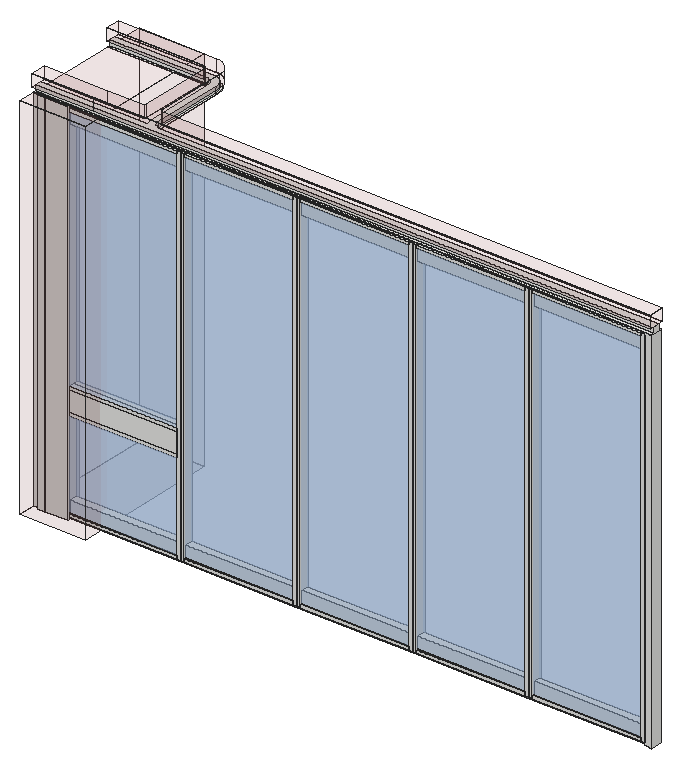
Revit family "Operable-Walls_Modernfold_Acousti-Clear_Automatic_Single-Panels_Expandable-Panel-Side-Stack", category Specialty Equipment, Revit 2026
Family settings
  Round Connector Dimension = Use Diameter
  Part Type = Normal
  Classification Number = 23.25.40.17.14
  Work Plane-Based = No
  Enable Cutting in Views = No
  Always vertical = Yes
  Cut with Voids When Loaded = No
  Maintain Annotation Orientation = No
  Shared = No
  Room Calculation Point = No
Parameters (values of type "No Pocket Door")
  zWallJambVis = 1 = 1  # yes
  zTypIVB = not(zNoPckt)  # no
  zPDPL [instance] = (Clearance Width - Clearance Lead - 0' 9")  # 3' - 4"
  zNoPckt = yes
  zHghtLmt [instance] = if(Ceiling Height > Ceiling Height Max, Ceiling Height Max, if(Ceiling Height < Ceiling Height Min, Ceiling Height Min, Ceiling Height))  # 12' - 0"
  zFirstPanelWidth [instance] = Panel Width - 0' 0 93/256"  # 3' - 8.71172"
  zEvenNumber [instance] = if(roundup(Number of Panels / 2) = Number of Panels / 2, 1 = 1, 1 = 0)  # no
  URL = "https://www.modernfold.com/en-US"
  Trim Material = Wall finish - Modernfold - Anodized aluminium
  Transfer Track [instance] = (rounddown((Panel Width - 0' 2 7/8") / 0' 1")) * 0' 1"  # 3' - 6"
  Track Trim Width [instance] = 0' - 4 1/4"  # constant formula
  Track Trim = 0' - 0 1/8"  # constant formula
  Track Material = Track Color - Modernfold - White
  Track Height [instance] = 0' - 2"  # constant formula
  Track Clearance Vis [instance] = yes
  Track Clearance Height [instance] = 0' - 4 7/8"  # constant formula
  StacksWPanel [instance] = 1 = 0  # no
  Stack Depth [instance] = (0' 4 1/2" * Number of Panels) + 0' 3"  # 2' - 1 1/2"
  Stack Clearance Vis [instance] = yes
  Stack [instance] = no
  Seal material = Seal Finish - Modernfold - Black
  Pocket Door Secondary Leaf Min [instance] = 1' - 6"  # constant formula
  Pocket Door Secondary Leaf Max [instance] = 4' - 0"  # constant formula
  Pocket Door Secondary Leaf [instance] = Pocket Door Primary Leaf  # 0' - 0"
  Pocket Door Primary Leaf [instance] = if(zNoPckt, 0' 0", (Clearance Width - Clearance Lead - 0' 9"))  # 0' - 0"
  Pocket Door Clearance Vis [instance] = yes
  Plan View Warning [instance] = if(zNoPckt, or(Panel Width > Panel Width Max, Panel Width < Panel Width Min, Installation Width > Installation Width Max, Ceiling Height > Ceiling Height Max, Ceiling Height < Ceiling Height Min, Number of Panels > 7), or(Panel Width > Panel Width Max, Panel Width < Panel Width Min, Installation Width > Installation Width Max, Ceiling Height > Ceiling Height Max, Ceiling Height < Ceiling Height Min, Pocket Door Secondary Leaf > Pocket Door Secondary Leaf Max, Pocket Door Secondary Leaf < Pocket Door Secondary Leaf Min, Number of Panels > 7))  # no
  Panel Width [instance] = (Installation Width - Lead Condition Width - 0' 1 3/4" - 0' 9 7/8") / (Number of Panels)  # 3' - 9.075"
  Panel Thickness = 0' - 4"  # constant formula
  Panel Material = Wall finish - Modernfold - Anodized aluminium
  Glass Material [instance] = Glass Type - Modernfold - Clear Tempered
  Clearance Trail = if(zNoPckt, 1' 1", 1' 4")  # 1' - 1"
  Clearance Lead [instance] = if(zNoPckt, (roundup((Carrier Backset Lead + 0' 5") / 0' 1")) * 0' 1", (roundup((Carrier Backset Lead + 0' 8") / 0' 1")) * 0' 1")  # 0' - 9"
  Carrier Backset Trail = 0' - 5 3/4"  # constant formula
  Carrier Backset Lead [instance] = Panel Width - Carrier Centers - Carrier Backset Trail  # 0' - 3.325"
  Additional Panels [instance] = 0
  Number of Panels [instance] = if(Additional Panels = 0, Min Panel Count Allowed, if((Min Panel Count Allowed + Additional Panels) > Max Panel Count Allowed, Min Panel Count Allowed, Min Panel Count Allowed + Additional Panels))  # 5
  NotStack [instance] = not(Stack)  # yes
  Model = "Acousti-Seal® Legacy® & Premier®"  # constant formula
  Min Panel Count Allowed [instance] = roundup((Installation Width - Lead Condition Width - 0' 1 3/4" - 0' 9 7/8") / (Panel Width Max))  # 5
  Max Panel Count Allowed [instance] = rounddown((Installation Width - Lead Condition Width - 0' 1 3/4" - 0' 9 7/8") / (Panel Width Min))  # 8
  Manufacturer = "Modernfold"  # constant formula
  Lead Condition Width [instance] = 0' - 3"  # constant formula
  Installation Width [instance] = 20' - 0"
  Panel Width Min [instance] = 2' - 4"  # constant formula
  Panel Width Max [instance] = 4' - 0"  # constant formula
  Description = "Acousti-Clear - Expandable Panel - Single Panel - Side Stack - No Pocket Door"
  **Panel Count Available** [instance] = if((Min Panel Count Allowed + Additional Panels) > Max Panel Count Allowed, "Number of Panels does NOT fall within constraints listed. Panel count will default to minimum count allowed.", "Panel Count Available.")  # "Panel Count Available."
  Seal Width = 0' - 2 11/16"  # constant formula
  Panel Array Count [instance] = if(Stack, Number of Panels, Number of Panels - 1)  # 4
  Hinge Location [instance] = Panel Width + 0' 1 3/4" + 0' 9 7/8"  # 4' - 8.7"
  Fabrication Height [instance] = zHghtLmt - Track Trim  # 11' - 11 7/8"
  Clearance Width [instance] = Carrier Centers + Clearance Lead + Clearance Trail  # 4' - 10"
  Clearance Depth [instance] = if(zNoPckt, Stack Depth, Stack Depth + 0' 6")  # 2' - 1 1/2"
  ClearWidthInt [instance] = roundup((Panel Width + 1' 0") / 0' 1")  # 58
  Ceiling Height [instance] = 12' - 0"
  Carrier Centers [instance] = if((CSpacingInt * 0' 1") > Carrier Spacing Max, Carrier Spacing Max, (CSpacingInt * 0' 1"))  # 3' - 0"
  CSpacingInt [instance] = rounddown((Panel Width - 0' 8 1/2") / 0' 1")  # 36
  Carrier Spacing Max [instance] = 3' - 1"  # constant formula
  Installation Width Max [instance] = 29' - 2"  # constant formula
  Does not Stack with Panels [instance] = 1 = 1  # yes
  Default Elevation = 0' - 0"
  Ceiling Height Min [instance] = 6' - 7"  # constant formula
  Ceiling Height Max [instance] = 12' - 0"  # constant formula
  Start Panel Width [instance] = Panel Width  # 3' - 9.075"
  Bottom Seal Height = 0' - 0 7/8"  # constant formula
Reference planes (in)
  plane 1 "Center (Front/Back)": y = 0
  plane 2: z = 0
  plane 3 "Left": x = -57.06482
  plane 4 "F": y = -9
  plane 5 "G": y = 49
  plane 6: x = -51.56482
  plane 7 "J&K": x = -31.56482
  plane 8: x = -0.36482
  plane 9: x = 44.71018
  plane 10: x = 182.93518
  plane 11: x = 179.93518
  plane 12: x = 44.71018
  plane 13: z = 144
  plane 14: z = 143.875
  plane 15: y = 1.34375
  plane 16: y = -1.34375
  plane 17: z = 0.875
  plane 18: z = 1.5
  plane 19: y = 2
  plane 20: y = -2
  plane 21: y = 2.125
  plane 22: y = -2.125
  plane 23: y = 1.25
  plane 24: y = -1.25
  plane 25: z = 146
  plane 26: z = 150.875
  plane 27: z = 142.625
  plane 28: z = 142.125
  plane 29: y = 3
  plane 30: y = -3
  plane 31: y = 1.80291
  plane 32: x = -55.31482
  plane 33: x = -31.56482
  plane 34: y = 36
  plane 35: x = -15.06482
Forms (in)
  Sweep 1, solid, material "Track Color - Modernfold - White" <- "Track Material"
    path origin (0, 0, 0) x (1, 0, 0) y (0, 1, 0)
      loop
        line (182.93518, 0) -> (-11.06482, 0)
        arc (-11.06482, 0) -> (-13.89325, 1.17157) -> (-15.06482, 4) r 4
        line (-15.06482, 4) -> (-15.06482, 32)
        arc (-15.06482, 32) -> (-16.23639, 34.82843) -> (-19.06482, 36) r 4
        line (-19.06482, 36) -> (-57.06482, 36)
    profile origin (85.93518, 0, 0) x (0, -1, 0) y (0, 0, 1)
      loop
        line (-1.25, 144) -> (-2.125, 144) -> (-2.125, 143.875) -> (2.125, 143.875) -> (2.125, 144) -> (1.25, 144) -> (1.25, 146) -> (-1.25, 146) -> (-1.25, 144)
  Extrusion 2, solid, material "Clearance", visible <- "Stack Clearance Vis"
    sketch origin (0, 0, 0) x (1, 0, 0) y (0, 1, 0)
      loop
        line (-31.56482, 49) -> (-57.06482, 49) -> (-57.06482, -9) -> (-31.56482, -9) -> (-31.56482, 49)
    from 0 to 143.875
  Extrusion 3, solid, material "Clearance", visible <- "Track Clearance Vis"
    sketch origin (0, 0, 0) x (1, 0, 0) y (0, 1, 0)
      loop
        line (-32.52945, 3) -> (-57.06482, 3) -> (-57.06482, -3) -> (-32.99964, -3) -> (182.93518, -3) -> (182.93518, 3) -> (-32.52945, 3)
    from 146 to 150.875
  Sweep 4, solid, material "Track Color - Modernfold - White" <- "Track Material"
    path origin (0, 0, 0) x (1, 0, 0) y (0, 1, 0)
      loop
        line (-0.36482, 0) -> (-57.06482, 0)
    profile origin (-28.71482, 0, 0) x (0, -1, 0) y (0, 0, 1)
      loop
        line (-1.25, 144) -> (-2.125, 144) -> (-2.125, 143.875) -> (2.125, 143.875) -> (2.125, 144) -> (1.25, 144) -> (1.25, 146) -> (-1.25, 146) -> (-1.25, 144)
  Sweep 5, solid, material "Clearance", visible <- "Track Clearance Vis"
    path origin (0, 0, 0) x (1, 0, 0) y (0, 1, 0)
      loop
        line (-57.06482, 36) -> (-19.06482, 36)
        arc (-19.06482, 36) -> (-16.23639, 34.82843) -> (-15.06482, 32) r 4
        line (-15.06482, 32) -> (-15.06482, 4)
        arc (-15.06482, 4) -> (-13.89325, 1.17157) -> (-11.06482, 0) r 4
        line (-11.06482, 0) -> (-0.36482, 0)
    profile origin (-5.71482, 0, 0) x (0, -1, 0) y (0, 0, 1)
      loop
        line (-3, 150.875) -> (-3, 146) -> (3, 146) -> (3, 150.875) -> (-3, 150.875)
Cuts and joins
  joined: Sweep 1, Sweep 4
  joined: Extrusion 3, Sweep 5
Lines and regions (in)
  symbolic lines, style "Clearance", visible <- "Stack Clearance Vis"
    curve 1: line (-57.06482, -9, 0) -> (-31.56482, -9, 0)
    curve 2: line (-57.06482, 49, 0) -> (-57.06482, -9, 0)
    curve 3: line (-31.56482, -9, 0) -> (-31.56482, 49, 0)
    curve 4: line (-31.56482, 49, 0) -> (-57.06482, 49, 0)
  symbolic lines, style "Track Centerline"
    curve 5: line (182.93518, 0, 0) -> (-57.06482, 0, 0)
    curve 17: line (-57.06482, 36, 0) -> (-19.06482, 36, 0)
    curve 18: line (-15.06482, 32, 0) -> (-15.06482, 4, 0)
    curve 19: arc (-19.06482, 36, 0) -> (-16.23639, 34.82843, 0) -> (-15.06482, 32, 0) r 4
    curve 20: arc (-11.06482, 0, 0) -> (-13.89325, 1.17157, 0) -> (-15.06482, 4, 0) r 4
  symbolic lines, style "Clearance", visible <- "Track Clearance Vis"
    curve 6: line (-57.06482, -3, 0) -> (182.93518, -3, 0)
    curve 7: line (182.93518, -3, 0) -> (182.93518, 3, 0)
    curve 8: line (182.93518, 3, 0) -> (-11.06482, 3, 0)
    curve 21: line (-17.99302, 3, 0) -> (-57.06482, 3, 0)
    curve 22: line (-18.06482, 32, 0) -> (-18.06482, 4, 0)
    curve 23: arc (-18.06482, 4, 0) -> (-18.04685, 3.49871, 0) -> (-17.99302, 3, 0) r 7
    curve 24: arc (-12.06482, 4, 0) -> (-11.77193, 3.29289, 0) -> (-11.06482, 3, 0) r 1
    curve 25: line (-12.06482, 4, 0) -> (-12.06482, 32, 0)
    curve 26: arc (-19.06482, 39, 0) -> (-14.11507, 36.94975, 0) -> (-12.06482, 32, 0) r 7
    curve 27: arc (-19.06482, 33, 0) -> (-18.35771, 32.70711, 0) -> (-18.06482, 32, 0) r 1
    curve 28: line (-57.06482, 33, 0) -> (-19.06482, 33, 0)
    curve 29: line (-19.06482, 39, 0) -> (-57.06482, 39, 0)
    curve 30: line (-57.06482, 33, 0) -> (-57.06482, 39, 0)
    curve 32: line (-57.06482, 3, 0) -> (-57.06482, -3, 0)
  symbolic lines, style "Track outline"
    curve 9: line (-57.06482, 0, 146) -> (182.93518, 0, 146)
    curve 10: line (-57.06482, 0, 146) -> (-57.06482, 0, 143.875)
    curve 11: line (182.93518, 0, 143.875) -> (-57.06482, 0, 143.875)
    curve 12: line (182.93518, 0, 146) -> (182.93518, 0, 143.875)
    curve 31: line (-57.06482, 0, 144) -> (182.93518, 0, 144)
  symbolic lines, style "Clearance"
    curve 13: line (-57.06482, 40.25, 144) -> (-57.06482, 40.25, 146)
    curve 14: line (-57.06482, -1.25, 146) -> (-57.06482, -1.25, 144)
    curve 15: line (-57.06482, -2.125, 143.875) -> (-57.06482, 41.125, 143.875)
    curve 16: line (-57.06482, 40.25, 146) -> (-57.06482, -1.25, 146)
Dimensions and locks (in)
  locked: plane 3 "Left" to plane 6 at 5.5
  "Clearance Depth": plane 3 "Left" to plane 7 "J&K"
  "Installation Width": plane 3 "Left" to plane 10
  "Hinge Location": plane 3 "Left" to plane 8
  "Panel Width": plane 8 to plane 9
  "Lead Condition Width": plane 11 to plane 10
  "zHghtLmt": plane 13 to level
  "Track Trim": plane 13 to plane 14
  plane 14 to level = 11' - 11 7/8"
  "Bottom Seal Height": plane 17 to level
  equal spacing: plane 15, plane 1 "Center (Front/Back)", plane 16
  "Seal Width": plane 15 to plane 16
  locked: plane 18 to plane 17 at 0.625
  equal spacing: plane 19, plane 1 "Center (Front/Back)", plane 20
  "Panel Thickness": plane 19 to plane 20
  equal spacing: plane 21, plane 1 "Center (Front/Back)", plane 22
  "Track Trim Width": plane 21 to plane 22
  equal spacing: plane 23, plane 1 "Center (Front/Back)", plane 24
  locked: plane 23 to plane 24 at 2.5
  plane 14 to plane 27 to plane 28 = 0' - 1 1/4" locked, 0' - 0 1/2" locked
  equal spacing: plane 29, plane 1 "Center (Front/Back)", plane 30
  locked: plane 29 to plane 30 at 6
  equal spacing: group 1, group 3, group 7, group 2  (x3)
  locked: plane 1 "Center (Front/Back)" to plane 31 at 1.80291
  locked: plane 3 "Left" to plane 32 at 1.75
  "Stack Depth": plane 3 "Left" to plane 33
  nested 5 to plane 33 = 0' - 1 7/8"
  Extrusion 3 sketch curve to Extrusion 3 sketch curve = 0' - 6"
  Extrusion 3 sketch curve to plane 1 "Center (Front/Back)" to Extrusion 3 sketch curve = 0' - 3", 0' - 3"
  "Clearance Width": plane 5 "G" to plane 4 "F"
  "Track Clearance Height": plane 26 to plane 25
  "Track Height": plane 25 to plane 13
  nested 7 to nested 7 = 0' - 5 3/8"
  "Clearance Lead": plane 4 "F" to plane 1 "Center (Front/Back)"
  "Clearance Trail": plane 5 "G" to plane 34
  "Transfer Track": plane 3 "Left" to plane 35
  equal spacing: group 4, group 6, group 8, group 5  (x3)
  radius of curve 19 = 0' - 4"
  radius of curve 20 = 0' - 4"
  aligned and locked: plane 2 to level
  aligned and locked: Sweep 1 sketch curve to plane 1 "Center (Front/Back)"
  aligned and locked: Sweep 1 sketch curve to plane 23
  aligned and locked: plane 24 to Sweep 1 sketch curve
  aligned and locked: Sweep 1 sketch curve to plane 25
  aligned and locked: Sweep 1 sketch curve to plane 13  (x2)
  aligned and locked: Sweep 1 sketch curve to plane 14
  aligned and locked: Sweep 1 sketch curve to plane 21
  aligned and locked: Sweep 1 sketch curve to plane 22
  aligned and locked: plane 1 "Center (Front/Back)" to nested 1
  aligned and locked: plane 6 to nested 2
  aligned and locked: plane 1 "Center (Front/Back)" to nested 3
  aligned and locked: plane 11 to nested 3
  aligned and locked: nested 2 to plane 1 "Center (Front/Back)"
  aligned and locked: nested 4 to plane 1 "Center (Front/Back)"
  aligned and locked: Extrusion 2 sketch curve to plane 3 "Left"
  aligned and locked: Extrusion 2 to level
  aligned and locked: plane 14 to Extrusion 2
  aligned and locked: curve 2 to Extrusion 2
  aligned and locked: Extrusion 2 sketch curve to plane 7 "J&K"
  aligned and locked: plane 3 "Left" to curve 5
  aligned and locked: plane 10 to curve 5
  aligned and locked: Extrusion 3 sketch curve to plane 10
  aligned and locked: Extrusion 2 to Extrusion 3 sketch curve
  aligned and locked: nested 4 to nested 5  (x2)
  aligned and locked: curve 11 to Extrusion 2
  aligned and locked: plane 12 to plane 9
  aligned and locked: plane 1 "Center (Front/Back)" to nested 7
  aligned and locked: plane 32 to nested 7
  aligned and locked: Extrusion 2 to plane 5 "G"
  aligned and locked: Extrusion 2 to plane 4 "F"
  aligned and locked: Extrusion 3 to plane 29
  aligned and locked: Extrusion 3 to plane 30
  aligned and locked: curve 6 to Extrusion 3
  aligned and locked: curve 8 to Extrusion 3
  aligned and locked: plane 26 to Extrusion 3
  aligned and locked: Extrusion 3 to plane 25
  aligned and locked: nested 4 to plane 33
  aligned and locked: plane 10 to Sweep 1 sketch curve
  aligned and locked: plane 3 "Left" to nested 9
  aligned and locked: plane 1 "Center (Front/Back)" to nested 9
  aligned and locked: curve 17 to plane 34
  aligned and locked: curve 18 to plane 35
  aligned and locked: plane 3 "Left" to curve 17
  aligned and locked: curve 5 to curve 20
  aligned and locked: Sweep 1 sketch curve to curve 17
  aligned and locked: Sweep 1 sketch curve to curve 19
  aligned and locked: Sweep 1 sketch curve to curve 20
  aligned and locked: plane 3 "Left" to Sweep 1 sketch curve
  aligned and locked: plane 3 "Left" to Sweep 4 sketch curve
  aligned and locked: plane 8 to Sweep 4 sketch curve
  aligned and locked: Sweep 4 sketch curve to plane 1 "Center (Front/Back)"
  aligned and locked: Sweep 4 sketch curve to plane 14
  aligned and locked: Sweep 4 sketch curve to plane 13  (x2)
  aligned and locked: Sweep 4 sketch curve to plane 25
  aligned and locked: plane 24 to Sweep 4 sketch curve
  aligned and locked: Sweep 4 sketch curve to plane 23
  aligned and locked: Sweep 4 sketch curve to plane 22
  aligned and locked: Sweep 4 sketch curve to plane 21
  aligned and locked: Sweep 5 sketch curve to curve 17
  aligned and locked: Sweep 5 sketch curve to curve 19
  aligned and locked: Sweep 5 sketch curve to curve 20
  aligned and locked: Sweep 5 sketch curve to plane 1 "Center (Front/Back)"
  aligned and locked: plane 8 to Sweep 5 sketch curve
  aligned and locked: plane 3 "Left" to Sweep 5 sketch curve
  aligned and locked: plane 30 to Sweep 5 sketch curve
  aligned and locked: plane 29 to Sweep 5 sketch curve
  aligned and locked: Sweep 5 sketch curve to plane 26
  aligned and locked: plane 25 to Sweep 5 sketch curve
  aligned and locked: curve 22 to cut or joined group of Extrusion 3, Sweep 5
  aligned and locked: curve 23 to cut or joined group of Extrusion 3, Sweep 5
  aligned and locked: curve 24 to cut or joined group of Extrusion 3, Sweep 5
  aligned and locked: curve 25 to cut or joined group of Extrusion 3, Sweep 5
  aligned and locked: curve 26 to cut or joined group of Extrusion 3, Sweep 5
  aligned and locked: curve 27 to cut or joined group of Extrusion 3, Sweep 5
  aligned and locked: curve 28 to cut or joined group of Extrusion 3, Sweep 5
  aligned and locked: curve 29 to cut or joined group of Extrusion 3, Sweep 5
  aligned and locked: curve 30 to cut or joined group of Extrusion 3, Sweep 5
  aligned and locked: nested 11 to plane 7 "J&K"
  aligned and locked: nested 11 to plane 5 "G"
  aligned and locked: nested 10 to plane 8
  aligned and locked: nested 10 to plane 1 "Center (Front/Back)"
  aligned and locked: plane 12 to nested 1
  aligned and locked: curve 31 to cut or joined group of Sweep 1, Sweep 4
  aligned and locked: curve 11 to cut or joined group of Sweep 1, Sweep 4
  aligned and locked: plane 11 to nested 12
Automatic sketch dimensions
  curve 15 to plane 14 = 0' - 0"
  curve 15 to plane 22 = 0' - 0"
  curve 14 to plane 24 = 0' - 0"
  plane 25 to curve 13 = 0' - 0"
  curve 13 to plane 13 = 0' - 0"
  curve 14 to plane 13 = 0' - 0"
  plane 34 to curve 13 = 0' - 4 1/4"
  curve 13 to curve 15 = 0' - 0 7/8"
  plane 4 "F" to Extrusion 2 sketch curve = 0' - 0"
  Extrusion 2 sketch curve to plane 5 "G" = 0' - 0"
  Extrusion 3 sketch curve to plane 7 "J&K" = 0' - 1.43482"
  Extrusion 3 sketch curve to plane 7 "J&K" = 0' - 0.96463"
  curve 9 to plane 3 "Left" = 0' - 0"
  curve 11 to plane 10 = 0' - 0"
  curve 10 to plane 25 = 0' - 0"
  curve 19 to curve 26 = 0' - 0"  (x2)
  curve 19 to curve 27 = 0' - 0"  (x2)
  curve 20 to curve 23 = 0' - 0"
  curve 20 to curve 24 = 0' - 0"  (x2)
  curve 23 to curve 24 = 0' - 0"
  curve 32 to plane 3 "Left" = 0' - 0"
  curve 30 to plane 3 "Left" = 0' - 0"
  plane 5 "G" to curve 3 = 0' - 0"
  curve 3 to plane 7 "J&K" = 0' - 0"
  plane 4 "F" to curve 1 = 0' - 0"
  curve 32 to plane 30 = 0' - 0"
  plane 1 "Center (Front/Back)" to curve 5 = 0' - 0"
  plane 29 to curve 32 = 0' - 0"
  plane 29 to curve 8 = 0' - 0"
  curve 19 to curve 22 = 0' - 1"
Nested families (in)
  nested 1: "Panel" at (22.17268, 0, 0), visible <- "NotStack", Width <- "Panel Width", type "Extended"
    with Width 3' - 9.075", Mullion no, LEAD yes, Dash Width 0' - 7.1375", CarrierVis yes
  nested 2: "Panel" at (-51.56482, 18, 0) x (0, -1, 0) z (0, 0, 1), visible <- "Stack", type "Stack"
    with Width 3' - 7 3/4", Mullion no, LEAD yes, Dash Width 0' - 6.91667", CarrierVis no
  nested 3: "Jamb" at (179.93518, 0, 0), visible <- "zWallJambVis", Width <- "Lead Condition Width", type "Jamb"
    with Width 0' - 3", Jamb yes, BulbStack no, Bulb Seal no, Fabrication Height 11' - 11 7/8"
  nested 4: "Panel" at (-33.56482, 18, 0) x (0, -1, 0) z (0, 0, 1), visible <- "Stack", type "Stack"
    with Width 3' - 7 3/4", Mullion no, LEAD yes, Dash Width 0' - 6.91667", CarrierVis no
  nested 5: "Jamb" at (-33.43982, -3.875, 0) x (0, -1, 0) z (0, 0, 1), visible <- "StacksWPanel", type "Jamb"
    with Jamb no, BulbStack yes, Bulb Seal no, Fabrication Height 11' - 11 7/8"
  nested 6: "Modernfold Warning" at (12.01728, -5.976, 0), visible <- "Plan View Warning", type "Modernfold Warning"
  nested 7: "Panel nose" at (-55.31482, 0, 0), visible <- "NotStack", Panel Thickness <- "Panel Thickness", type "Panel nose"
    with Panel Thickness 0' - 4", Jamb yes, BulbStack yes, Bulb Seal no, Fabrication Height 11' - 11 7/8"
  nested 8: "Panel" at (-45.56482, 18, 0) x (0, -1, 0) z (0, 0, 1), visible <- "Stack", type "Stack"
    with Width 3' - 7 3/4", Mullion no, LEAD yes, Dash Width 0' - 6.91667", CarrierVis no
  nested 9: "Jamb" at (-57.06482, 0, 0), visible <- "zWallJambVis", type "Jamb"
    with Width 0' - 1 3/4", Jamb yes, BulbStack no, Bulb Seal no, Fabrication Height 11' - 11 7/8"
  nested 10: "Panel" at (-22.72068, 0, 0) x (-1, 0, 0) z (0, 0, 1), visible <- "NotStack", Width <- "zFirstPanelWidth", type "Extended"
    with Width 3' - 8.71172", Mullion yes, LEAD yes, Dash Width 0' - 7.07695", CarrierVis yes
  nested 11: "Type-IV-B" at (-33.06482, 49, 0) x (0, -1, 0) z (0, 0, 1), Pocket Door Clearance <- "Pocket Door Clearance Vis", Stack <- "Stack", visible <- "zTypIVB", type "Type IV B"
    with Stack no, Right Leaf 0' - 11", Pocket Door Clearance yes, Meeting Jamb 0' - 3", I_PD Leaf B 0' - 11", I_PD Leaf A 3' - 4", Hinged Jamb 0' - 3", Gap 0' - 1", Close yes, C.L. of Track 0' - 4 1/2", Ref G 0' - 10 1/2", Pocket Width 4' - 10", Left Leaf 3' - 4"
  nested 12: "Panel" at (157.39768, 0, 0), visible <- "NotStack", Width <- "Panel Width", type "Extended"
    with Width 3' - 9.075", Mullion no, LEAD yes, Dash Width 0' - 7.1375", CarrierVis yes
  nested 13: "Panel" at (67.24768, 0, 0), visible <- "NotStack", Width <- "Panel Width", type "Extended"
    with Width 3' - 9.075", Mullion no, LEAD yes, Dash Width 0' - 7.1375", CarrierVis yes
  nested 14: "Panel" at (-39.56482, 18, 0) x (0, -1, 0) z (0, 0, 1), visible <- "Stack", type "Stack"
    with Width 3' - 7 3/4", Mullion no, LEAD yes, Dash Width 0' - 6.91667", CarrierVis no
  nested 15: "Panel" at (112.32268, 0, 0), visible <- "NotStack", Width <- "Panel Width", type "Extended"
    with Width 3' - 9.075", Mullion no, LEAD yes, Dash Width 0' - 7.1375", CarrierVis yes
Definition of nested family "Panel"
  Parameters (values of type "Stack")
    Width [instance] = 3' - 7 3/4"
    Vertical Trim Control = and(Show Panel, Vertical Trim)  # no
    Vertical Trim = no
    URL = ""
    Trim Thickness = 0' 4 5/8" + 0' 1.188" + 0' 0 7/8"  # 0' - 6.688"
    Top Sweep = 0' - 1 1/4"  # constant formula
    Stack Line = yes
    Show Panel Dash = not(Show Panel)  # yes
    Show Panel = no
    Seal Width = 0' - 2 11/16"
    Panel Width Control = if(Vertical Trim, 0' 0 3/4", 0' 0")  # 0' - 0"
    Panel Thickness = 0' - 4"
    Mullion [instance] = yes
    Manufacturer = ""
    Leaf = no
    LEAD [instance] = yes
    Keynote = ""
    Height = 11' - 11 7/8"
    Finished Floor Thickness = 0' - 0"
    Finish Material Seal = none
    Finish Material Metal = none
    Finish Material Panel = none
    Default Elevation = 0' - 0"
    Dash Width [instance] = (Width - 0' 2 1/4") / 6  # 0' - 6.91667"
    CarrierVis [instance] = no
    Carrier Spacing = 3' - 0"
    Bottom Seal Height = 0' - 0 7/8"
  Types (2): name | Show Panel Dash | Show Panel
    Extended | no | yes
    Stack | yes | no
  Reference planes (in)
    plane 1 "Center (Front/Back)": y = 0
    plane 2: z = 0
    plane 3 "Bottom Panel": z = 0
    plane 4 "Top": z = 143.875
    plane 5 "Bottom Seal": z = 0.875
    plane 6 "Top Trim": z = 143.875
    plane 7 "Center (Left/Right)": x = 0
    plane 8 "Back": y = 2
    plane 9 "Front": y = -2
    plane 10 "Back Seal": y = 1.34375
    plane 11 "Front Seal": y = -1.34375
    plane 12: z = 137.187
    plane 13: x = -21.875
    plane 14: x = 21.875
    plane 15: x = -21.375
    plane 16: x = 21.375
    plane 17: x = -18
    plane 18: x = 18
    plane 19: x = -21.865
    plane 20: x = 21.865
    plane 21: z = 143
    plane 22: z = 46.5
    plane 23: z = 36
    plane 24: x = -20.49
    plane 25: x = 20.49
  Forms (in)
    Extrusion 1, solid, material <- "Finish Material Metal", visible <- "Show Panel"
      sketch origin (-23.61111, 0, 0) x (0, 1, 0) y (0, 0, 1)
        loop
          line (2, 0.875) -> (2, 2.0625) -> (1.4375, 2.0625) -> (1.4375, 6.6875) -> (-1.4375, 6.6875) -> (-1.4375, 2.0625) -> (-2, 2.0625) -> (-2, 0.875) -> (2, 0.875)
      from 3.12111 to 44.10111
    Extrusion 2, solid, material <- "Finish Material Metal", visible <- "Show Panel"
      sketch origin (0, 0, 0) x (0, 1, 0) y (0, 0, 1)
        loop
          line (1.4375, 137.187) -> (1.4375, 141.8125) -> (2, 141.8125) -> (2, 143) -> (-2, 143) -> (-2, 141.8125) -> (-1.4375, 141.8125) -> (-1.4375, 137.187) -> (1.4375, 137.187)
      from -20.49 to 20.49
    Extrusion 3, solid, visible <- "Show Panel Dash"
      sketch origin (12, 7.7711, 0) x (1, 0, 0) y (0, 1, 0)
        loop
          line (9.875, -5.7711) -> (-33.875, -5.7711) -> (-33.875, -9.7711) -> (9.875, -9.7711) -> (9.875, -5.7711)
      from 0 to 143.875
    Extrusion 4, solid, visible <- "Leaf"
      sketch origin (0, 0, 0) x (1, 0, 0) y (0, 1, 0)
        loop
          line (-16.375, 2.6875) -> (-28, 2.6875) -> (-28, -2.6875) -> (-16.375, -2.6875) -> (-16.375, -2) -> (-21.875, -2) -> (-21.875, 2) -> (-16.375, 2) -> (-16.375, 2.6875)
      from 0 to 143.875
    Extrusion 5, solid, material <- "Finish Material Panel", visible <- "Show Panel"
      sketch origin (0, 0, 0) x (0, 1, 0) y (0, 0, 1)
        loop
          line (1.8125, 141.8125) -> (1.4375, 141.8125) -> (1.4375, 2.0625) -> (1.8125, 2.0625) -> (1.8125, 141.8125)
        loop
          line (-1.4375, 2.0625) -> (-1.4375, 141.8125) -> (-1.75, 141.8125) -> (-1.75, 2.0625) -> (-1.4375, 2.0625)
      from -20.49 to 20.49
    Extrusion 6, solid, material <- "Finish Material Metal", visible <- "Show Panel"
      sketch origin (0, 0, 0) x (1, 0, 0) y (0, 1, 0)
        loop
          line (-21.865, 2) -> (-21.865, -2) -> (-20.49, -2) -> (-20.49, 2) -> (-21.865, 2)
        loop
          line (21.865, 2) -> (20.49, 2) -> (20.49, -2) -> (21.865, -2) -> (21.865, 2)
      from 0.875 to 143
    Extrusion 7, solid, material <- "Finish Material Seal", visible <- "Show Panel"
      sketch origin (21.865, -180, 143.875) x (0, 0, 1) y (0, 1, 0)
        loop
          line (-143, 178.65625) -> (-143, 181.34375) -> (-143.875, 181.34375) -> (-143.875, 178.65625) -> (-143, 178.65625)
        loop
          line (0, 178.65625) -> (0, 181.34375) -> (-0.875, 181.34375) -> (-0.875, 178.65625) -> (0, 178.65625)
      from -0.01 to 43.74
    Extrusion 8, solid, material <- "Finish Material Metal", visible <- "Mullion"
      sketch origin (21.865, -180, 143.875) x (0, 0, 1) y (0, 1, 0)
        loop
          line (-107.875, 180) -> (-107.875, 178.23437) -> (-106.375, 178.23437) -> (-106.375, 178) -> (-98.875, 178) -> (-98.875, 178.23437) -> (-97.375, 178.23437) -> (-97.375, 180) -> (-97.375, 181.82031) -> (-98.875, 181.82031) -> (-98.875, 182) -> (-106.375, 182) -> (-106.375, 181.82031) -> (-107.875, 181.82031) -> (-107.875, 180)
      from 1.375 to 42.355
  Lines and regions (in)
    Masking region 1, visible <- "Show Panel"
      outline origin (9.51202, -15.08558, 0.875) x (-1, 0, 0) y (0, -1, 0)
        loop
          line (-10.97798, -17.08558) -> (30.00202, -17.08558) -> (30.00202, -13.08558) -> (-10.97798, -13.08558) -> (-10.97798, -17.08558)
    Masking region 2, visible <- "Show Panel"
      outline origin (0, 0, 0) x (1, 0, 0) y (0, 1, 0)
        loop
          line (-20.49, 1.8125) -> (-20.49, 1.4375) -> (20.49, 1.4375) -> (20.49, 1.8125) -> (-20.49, 1.8125)
        loop
          line (-20.49, -1.4375) -> (-20.49, -1.75) -> (20.49, -1.75) -> (20.49, -1.4375) -> (-20.49, -1.4375)
    Masking region 3, visible <- "Show Panel"
      outline origin (0, 0, 0) x (1, 0, 0) y (0, 1, 0)
        loop
          line (-20.49, 1.34375) -> (-20.49, -1.34375) -> (20.49, -1.34375) -> (20.49, 1.34375) -> (-20.49, 1.34375)
    Masking region 4, visible <- "Show Panel"
      outline origin (0, 0, 0) x (1, 0, 0) y (0, 1, 0)
        loop
          line (-21.865, 2) -> (-21.865, -2) -> (-20.49, -2) -> (-20.49, 2) -> (-21.865, 2)
        loop
          line (20.49, 2) -> (20.49, -2) -> (21.865, -2) -> (21.865, 2) -> (20.49, 2)
    symbolic lines, visible <- "CarrierVis", detail levels medium+fine
      curve 1: circle (-18, 0, 0) r 0.6875 normal (0, 0, 1)
      curve 2: circle (-18, 0, 0) r 0.6875 normal (0, 0, 1)
      curve 12: circle (18, 0, 0) r 0.6875 normal (0, 0, -1)
    symbolic lines, visible <- "Show Panel Dash"
      curve 3: line (-21.875, -2, 0) -> (21.875, -2, 0)
      curve 4: line (21.875, -2, 0) -> (21.875, 2, 0)
      curve 5: line (21.875, 2, 0) -> (-21.875, 2, 0)
      curve 6: line (-21.875, 2, 0) -> (-21.875, -2, 0)
    symbolic lines, visible <- "Leaf"
      curve 7: line (-28, 2.6875, 0) -> (-28, -2.6875, 0)
      curve 8: line (-16.375, 2.6875, 0) -> (-28, 2.6875, 0)
      curve 9: line (-16.375, 2, 0) -> (-16.375, 2.6875, 0)
      curve 10: line (-16.375, -2.6875, 0) -> (-16.375, -2, 0)
      curve 11: line (-28, -2.6875, 0) -> (-16.375, -2.6875, 0)
  Dimensions and locks (in)
    "Height": plane 4 "Top" to plane 3 "Bottom Panel"
    "Bottom Seal Height": plane 5 "Bottom Seal" to plane 3 "Bottom Panel"
    "Panel Thickness": plane 9 "Front" to plane 8 "Back"
    "Finished Floor Thickness": plane 3 "Bottom Panel" to plane 2
    equal spacing: plane 9 "Front", plane 1 "Center (Front/Back)", plane 8 "Back"
    equal spacing: plane 14, plane 7 "Center (Left/Right)", plane 13
    "Width": plane 14 to plane 13
    locked: plane 15 to plane 13 at 0.5
    locked: plane 14 to plane 16 at 0.5
    equal spacing: plane 17, plane 7 "Center (Left/Right)", plane 18
    "Carrier Spacing": plane 17 to plane 18
    "Seal Width": plane 10 "Back Seal" to plane 11 "Front Seal"
    equal spacing: plane 10 "Back Seal", plane 1 "Center (Front/Back)", plane 11 "Front Seal"
    locked: plane 19 to plane 13 at 0.01
    locked: plane 20 to plane 14 at 0.01
    "Trim Thickness": plane 6 "Top Trim" to plane 12
    locked: plane 6 "Top Trim" to Extrusion 2 sketch curve at 0.875
    locked: Extrusion 2 sketch curve to Extrusion 2 sketch curve at 1.1875
    locked: Extrusion 2 sketch curve to Extrusion 2 sketch curve at 2.875
    equal spacing: Extrusion 2 sketch curve, plane 1 "Center (Front/Back)", Extrusion 2 sketch curve
    locked: Extrusion 1 sketch curve to Extrusion 1 sketch curve at 2.875
    equal spacing: Extrusion 1 sketch curve, plane 1 "Center (Front/Back)", Extrusion 1 sketch curve
    locked: Extrusion 1 sketch curve to Extrusion 1 sketch curve at 1.1875
    locked: Extrusion 1 sketch curve to Extrusion 1 sketch curve at 4.625
    locked: Extrusion 5 sketch curve to Extrusion 5 sketch curve at 2.875
    equal spacing: Extrusion 5 sketch curve, plane 1 "Center (Front/Back)", Extrusion 5 sketch curve
    Extrusion 5 sketch curve to plane 5 "Bottom Seal" = 0' - 1 3/16"
    locked: plane 5 "Bottom Seal" to Extrusion 5 sketch curve at 1.1875
    locked: Extrusion 5 sketch curve to plane 12 at 4.6255  (x2)
    equal spacing: Extrusion 4 sketch curve, plane 1 "Center (Front/Back)", Extrusion 4 sketch curve
    locked: Extrusion 6 sketch curve to plane 20 at 1.375
    locked: Extrusion 6 sketch curve to Extrusion 6 sketch curve at 1.375
    locked: Extrusion 5 sketch curve to Extrusion 1 at 0.375
    locked: Extrusion 5 sketch curve to Extrusion 5 sketch curve at 0.3125
    Extrusion 4 to Extrusion 4 = 0' - 11 5/8"
    locked: plane 6 "Top Trim" to plane 21 at 0.875
    locked: plane 22 to plane 23 at 10.5
    locked: plane 23 to level at 36
    locked: plane 24 to plane 19 at 1.375
    locked: plane 25 to plane 20 at 1.375
    aligned and locked: plane 2 to level
    aligned and locked: plane 12 to Extrusion 2 sketch curve
    aligned and locked: plane 17 to curve 1
    aligned and locked: plane 1 "Center (Front/Back)" to curve 1
    aligned and locked: plane 1 "Center (Front/Back)" to curve 2
    aligned and locked: plane 4 "Top" to Extrusion 3
    aligned and locked: Extrusion 3 to level
    aligned and locked: plane 4 "Top" to Extrusion 4
    aligned and locked: plane 6 "Top Trim" to plane 4 "Top"
    aligned and locked: Extrusion 2 sketch curve to plane 8 "Back"
    aligned and locked: Extrusion 2 sketch curve to plane 9 "Front"
    aligned and locked: plane 9 "Front" to Extrusion 1 sketch curve
    aligned and locked: Extrusion 1 sketch curve to plane 8 "Back"
    aligned and locked: Extrusion 1 sketch curve to plane 5 "Bottom Seal"
    aligned and locked: curve 8 to Extrusion 4
    aligned and locked: curve 9 to Extrusion 4
    aligned and locked: curve 10 to Extrusion 4
    aligned and locked: curve 11 to Extrusion 4
    aligned and locked: plane 8 "Back" to Extrusion 6 sketch curve
    aligned and locked: plane 19 to Extrusion 6 sketch curve
    aligned and locked: Extrusion 6 sketch curve to plane 8 "Back"
    aligned and locked: Extrusion 6 sketch curve to plane 20
    aligned and locked: plane 9 "Front" to Extrusion 6 sketch curve
    aligned and locked: Extrusion 6 sketch curve to plane 9 "Front"
    aligned and locked: Extrusion 1 to Extrusion 6  (x2)
    aligned and locked: Extrusion 5 to Extrusion 6  (x2)
    aligned and locked: Extrusion 2 to Extrusion 6  (x2)
    aligned and locked: Masking region 1 to Extrusion 6  (x2)
    aligned and locked: Masking region 1 to plane 8 "Back"
    aligned and locked: Masking region 1 sketch curve to plane 9 "Front"
    aligned and locked: Masking region 2 sketch curve to Extrusion 5  (x4)
    aligned and locked: Masking region 2 sketch curve to Extrusion 1  (x4)
    aligned and locked: Masking region 3 sketch curve to Extrusion 1  (x2)
    aligned and locked: Masking region 4 sketch curve to Extrusion 6  (x4)
    aligned and locked: Masking region 4 sketch curve to Extrusion 1  (x3)
    aligned and locked: plane 8 "Back" to Masking region 4 sketch curve
    aligned and locked: curve 6 to plane 13
    aligned and locked: plane 14 to curve 4
    aligned and locked: curve 5 to plane 8 "Back"
    aligned and locked: plane 9 "Front" to curve 3
    aligned and locked: plane 14 to Extrusion 3
    aligned and locked: Extrusion 3 to plane 13
    aligned and locked: plane 9 "Front" to Extrusion 3
    aligned and locked: Extrusion 3 to plane 8 "Back"
    aligned and locked: plane 21 to Extrusion 6
    aligned and locked: Extrusion 6 to plane 5 "Bottom Seal"
    aligned and locked: plane 5 "Bottom Seal" to Extrusion 7 sketch curve
    aligned and locked: plane 11 "Front Seal" to Extrusion 7 sketch curve  (x2)
    aligned and locked: Extrusion 3 to Extrusion 7 sketch curve
    aligned and locked: plane 4 "Top" to Extrusion 7 sketch curve
    aligned and locked: Extrusion 7 sketch curve to plane 21
    aligned and locked: Extrusion 7 sketch curve to plane 10 "Back Seal"  (x2)
    aligned and locked: Extrusion 7 to plane 13
    aligned and locked: plane 14 to Extrusion 7
    aligned and locked: plane 22 to Extrusion 8
    aligned and locked: Extrusion 8 to plane 23
    aligned and locked: plane 24 to Extrusion 8
    aligned and locked: Extrusion 8 to plane 25
    aligned and locked: plane 18 to curve 12
  Automatic sketch dimensions
    curve 1 to curve 2 = 0' - 0"
    curve 12 to plane 1 "Center (Front/Back)" = 0' - 0"
    curve 11 to plane 13 = 0' - 6 1/8"
    Extrusion 1 sketch curve to Extrusion 1 sketch curve = 0' - 1 3/16"
    Masking region 1 sketch curve to plane 25 = 0' - 0"
    Masking region 1 sketch curve to plane 24 = 0' - 0"
    plane 8 "Back" to Masking region 1 sketch curve = 0' - 0"
    Extrusion 2 sketch curve to plane 21 = 0' - 1 3/16"
    plane 8 "Back" to Extrusion 3 sketch curve = 0' - 0"
    Extrusion 3 sketch curve to plane 13 = 0' - 0"
    plane 9 "Front" to Extrusion 3 sketch curve = 0' - 0"
    Extrusion 3 sketch curve to plane 14 = 0' - 0"
    plane 9 "Front" to Extrusion 4 sketch curve = 0' - 0"
    Extrusion 4 sketch curve to plane 13 = 0' - 0"
    plane 8 "Back" to Extrusion 4 sketch curve = 0' - 0"
    plane 9 "Front" to Extrusion 4 sketch curve = 0' - 0 11/16"
    Extrusion 4 sketch curve to plane 13 = 0' - 6 1/8"
    plane 17 to Extrusion 4 sketch curve = 0' - 1 5/8"  (x2)
    plane 11 "Front Seal" to Masking region 3 sketch curve = 0' - 0"
    plane 10 "Back Seal" to Masking region 3 sketch curve = 0' - 0"
    Extrusion 8 sketch curve to plane 1 "Center (Front/Back)" = 0' - 0"  (x2)
    Extrusion 8 sketch curve to plane 23 = 0' - 0"
    Extrusion 8 sketch curve to plane 8 "Back" = 0' - 0"
    Extrusion 8 sketch curve to plane 9 "Front" = 0' - 0"
    Extrusion 8 sketch curve to plane 22 = 0' - 0"
    Extrusion 8 sketch curve to plane 8 "Back" = 0' - 0 23/128"
    Extrusion 8 sketch curve to Extrusion 8 sketch curve = 0' - 1 1/2"  (x2)
    plane 9 "Front" to Extrusion 8 sketch curve = 0' - 0 15/64"  (x2)
    plane 22 to Extrusion 8 sketch curve = 0' - 1 1/2"  (x2)
    Extrusion 8 sketch curve to Extrusion 8 sketch curve = 0' - 0 23/128"
    radius of curve 1 = 0' - 0 11/16"
    radius of curve 2 = 0' - 0 11/16"
    radius of curve 12 = 0' - 0 11/16"
Definition of nested family "Jamb"
  Parameters (values of type "Jamb")
    zThickness = 0' - 4 1/4"
    Trim Material = none
    Panel Material = none
    Width [instance] = 1' - 0"
    BulbStack [instance] = yes
    Bulb Seal [instance] = no
    Jamb [instance] = yes
    Fabrication Height = 9' - 11 1/4"
    Default Elevation = 0' - 0"
  Reference planes (in)
    plane 1 "Center (Front/Back)": y = 0
    plane 2: z = 0
    plane 3 "Center (Left/Right)": x = 0
    plane 4: y = 2.125
    plane 5: y = -2.125
    plane 6: x = 0.25
  Forms (in)
    Extrusion 1, solid, material <- "Panel Material", visible <- "Jamb"
      sketch origin (0.25, 0.65625, 0) x (1, 0, 0) y (0, 1, 0)
        loop
          line (-0.25, 1.46875) -> (-0.25, -2.78125) -> (11.75, -2.78125) -> (11.75, 1.46875) -> (-0.25, 1.46875)
      from 0 to 119.25 <- "Fabrication Height"
    Extrusion 2, solid, material <- "Trim Material", visible <- "Bulb Seal"
      sketch origin (0.25, 0.65625, 0) x (1, 0, 0) y (0, 1, 0)
        loop
          line (-0.25, 1.46875) -> (-0.25, -2.78125)
          arc (-0.25, -2.78125) -> (0, -0.65625) -> (-0.25, 1.46875) r 9.15625
      from 0 to 119.25
    Extrusion 3, solid, visible <- "BulbStack"
      sketch origin (0, 0, 0) x (1, 0, 0) y (0, 1, 0)
        loop
          line (0, 2.125) -> (0, -2.125)
          arc (0, -2.125) -> (0.25, 0) -> (0, 2.125) r 9.15625
      from 0 to 119.25
  Lines and regions (in)
    Masking region 1, visible <- "Jamb"
      outline origin (0, 0, 0) x (1, 0, 0) y (0, 1, 0)
        loop
          line (12, 2.125) -> (0, 2.125) -> (0, -2.125) -> (12, -2.125) -> (12, 2.125)
    Masking region 2, visible <- "Bulb Seal"
      outline origin (0, 0, 0) x (1, 0, 0) y (0, 1, 0)
        loop
          line (0, 2.125) -> (0, -2.125)
          arc (0, -2.125) -> (0.25, 0) -> (0, 2.125) r 9.15625
    model lines, visible <- "BulbStack"
      curve 1: line (0, 0.25, 0) -> (0, -0.25, 0)
    symbolic lines, visible <- "BulbStack"
      curve 2: line (0, 0.25, 0) -> (0, -0.25, 0)
      curve 3: arc (0, -2.125, 0) -> (0.25, 0, 0) -> (0, 2.125, 0) r 9.15625
  Dimensions and locks (in)
    equal spacing: plane 5, plane 1 "Center (Front/Back)", plane 4
    "zThickness": plane 5 to plane 4
    plane 3 "Center (Left/Right)" to plane 6 = 0' - 0 1/4"
    "Width": Extrusion 1 sketch curve to Extrusion 1 sketch curve
    aligned and locked: plane 2 to level
    aligned and locked: Extrusion 1 to Extrusion 2
    aligned and locked: Extrusion 1 to Masking region 1 sketch curve
    aligned and locked: Masking region 1 sketch curve to Extrusion 1
    aligned and locked: Masking region 1 sketch curve to Extrusion 2
    aligned and locked: Extrusion 2 to Masking region 2 sketch curve
    aligned and locked: Extrusion 3 sketch curve to Extrusion 2
    aligned and locked: Extrusion 3 to level
    aligned and locked: Extrusion 1 to Extrusion 3
    aligned and locked: Extrusion 3 to curve 1
    aligned and locked: Extrusion 1 to plane 4
    aligned and locked: plane 5 to Extrusion 1
    aligned and locked: Masking region 1 to Extrusion 1
  Automatic sketch dimensions
    plane 1 "Center (Front/Back)" to Masking region 2 sketch curve = 0' - 0"
    plane 5 to Masking region 2 sketch curve = 0' - 0"
    Masking region 2 sketch curve to plane 3 "Center (Left/Right)" = 0' - 8 29/32"
    plane 1 "Center (Front/Back)" to Extrusion 2 sketch curve = 0' - 0"
    Extrusion 2 sketch curve to plane 3 "Center (Left/Right)" = 0' - 0"
    plane 5 to Extrusion 2 sketch curve = 0' - 0"
    Extrusion 2 sketch curve to plane 3 "Center (Left/Right)" = 0' - 8 29/32"
    plane 1 "Center (Front/Back)" to Extrusion 3 sketch curve = 0' - 0"
    plane 5 to Extrusion 3 sketch curve = 0' - 0"
    Extrusion 3 sketch curve to plane 3 "Center (Left/Right)" = 0' - 8 29/32"
    plane 1 "Center (Front/Back)" to curve 3 = 0' - 0"
    curve 2 to plane 3 "Center (Left/Right)" = 0' - 0"
    curve 3 to plane 3 "Center (Left/Right)" = 0' - 0"  (x2)
    plane 5 to curve 3 = 0' - 0"
    curve 3 to plane 3 "Center (Left/Right)" = 0' - 8 29/32"
    plane 1 "Center (Front/Back)" to curve 2 = 0' - 0 1/4"
    curve 2 to plane 1 "Center (Front/Back)" = 0' - 0 1/4"
    plane 6 to Masking region 1 sketch curve = 0' - 11 3/4"
    Extrusion 1 sketch curve to plane 3 "Center (Left/Right)" = 0' - 0"
    plane 5 to Extrusion 1 sketch curve = 0' - 0"
    plane 4 to Extrusion 1 sketch curve = 0' - 0"
Definition of nested family "Panel nose"
  Parameters (values of type "Panel nose")
    zW = 0' - 6 1/8"
    Trim Material = none
    Panel Thickness [instance] = 0' - 3 5/8"
    Panel Material = none
    BulbStack [instance] = yes
    Bulb Seal [instance] = no
    Jamb [instance] = yes
    Fabrication Height = 9' - 11 1/4"
    Default Elevation = 0' - 0"
  Reference planes (in)
    plane 1 "Center (Front/Back)": y = 0
    plane 2: z = 0
    plane 3 "Center (Left/Right)": x = 0
    plane 4: x = 6.125
  Forms (in)
    Extrusion 1, solid, material <- "Panel Material", visible <- "Jamb"
      sketch origin (0.25, 0.65625, 0) x (1, 0, 0) y (0, 1, 0)
        loop
          line (2.625, 2.03125) -> (2.625, -3.34375) -> (11.375, -3.34375) -> (11.375, -2.46875) -> (5.875, -2.46875) -> (5.875, 1.15625) -> (11.375, 1.15625) -> (11.375, 2.03125) -> (2.625, 2.03125)
      from 0 to 119.25 <- "Fabrication Height"
    Extrusion 2, solid, material <- "Panel Material", visible <- "Jamb"
      sketch origin (-2.625, 0.65625, 0) x (1, 0, 0) y (0, 1, 0)
        loop
          line (2.625, 2.03125) -> (2.625, -3.34375) -> (5.5, -3.34375) -> (5.5, 2.03125) -> (2.625, 2.03125)
      from 0 to 119.25 <- "Fabrication Height"
  Lines and regions (in)
    Masking region 1, visible <- "Jamb"
      outline origin (0, 0, 0) x (1, 0, 0) y (0, 1, 0)
        loop
          line (11.625, 2.6875) -> (2.875, 2.6875) -> (2.875, -2.6875) -> (11.625, -2.6875) -> (11.625, -1.8125) -> (6.125, -1.8125) -> (6.125, 1.8125) -> (11.625, 1.8125) -> (11.625, 2.6875)
    Masking region 2, visible <- "Jamb"
      outline origin (-2.875, 0, 0) x (1, 0, 0) y (0, 1, 0)
        loop
          line (5.75, 2.6875) -> (2.875, 2.6875) -> (2.875, -2.6875) -> (5.75, -2.6875) -> (5.75, 2.6875)
    model lines, visible <- "BulbStack"
      curve 1: line (0, 1.25, 0) -> (0, -1.25, 0)
    symbolic lines, visible <- "BulbStack"
      curve 2: line (0, 2.6875, 0) -> (0, -2.6875, 0)
  Dimensions and locks (in)
    locked: Extrusion 1 sketch curve to Extrusion 1 sketch curve at 5.375
    "zW": plane 3 "Center (Left/Right)" to plane 4
    equal spacing: Extrusion 1 sketch curve, plane 1 "Center (Front/Back)", Extrusion 1 sketch curve  (x2)
    "Panel Thickness": Extrusion 1 sketch curve to Extrusion 1 sketch curve
    locked: plane 4 to Extrusion 1 sketch curve at 5.5  (x2)
    locked: Extrusion 2 sketch curve to Extrusion 2 sketch curve at 5.375
    aligned and locked: plane 2 to level
    aligned and locked: plane 4 to Extrusion 1
    aligned and locked: Extrusion 1 to Masking region 1 sketch curve
    aligned and locked: Masking region 1 sketch curve to Extrusion 1  (x5)
    aligned and locked: Extrusion 2 to Masking region 2 sketch curve  (x2)
    aligned and locked: Masking region 2 sketch curve to Extrusion 2
    aligned and locked: plane 3 "Center (Left/Right)" to Extrusion 2 sketch curve
  Automatic sketch dimensions
    Masking region 1 sketch curve to plane 4 = 0' - 0"
    curve 1 to plane 3 "Center (Left/Right)" = 0' - 0"
    curve 2 to plane 3 "Center (Left/Right)" = 0' - 0"
    plane 1 "Center (Front/Back)" to curve 2 = 0' - 2 11/16"
    plane 1 "Center (Front/Back)" to curve 1 = 0' - 1 1/4"
    curve 1 to plane 1 "Center (Front/Back)" = 0' - 1 1/4"
    curve 1 to curve 2 = 0' - 1 7/16"
    plane 1 "Center (Front/Back)" to Extrusion 2 sketch curve = 0' - 2 11/16"
    plane 3 "Center (Left/Right)" to Extrusion 2 sketch curve = 0' - 2 7/8"
    Masking region 2 sketch curve to Masking region 2 sketch curve = 0' - 2 7/8"
    plane 3 "Center (Left/Right)" to Masking region 1 sketch curve = 0' - 2 7/8"
    Extrusion 1 sketch curve to plane 4 = 0' - 0"
    plane 3 "Center (Left/Right)" to Extrusion 1 sketch curve = 0' - 2 7/8"
Definition of nested family "Type-IV-B"
  Parameters (values of type "Type IV B")
    URL = "www.modernfold.com"
    Trim Color = none
    Top Seal Height = 0' - 0"  # constant formula
    Wall Finish = none
    Stack [instance] = no
    Right Leaf [instance] = Pocket Width - Left Leaf - Meeting Jamb - Gap - Hinged Jamb  # 1' - 5 1/2"
    Ref G [instance] = 1' - 5"
    Product data url = ""
    Product Guid = ""
    Pocket Width = 5' - 7"
    Pocket Door Clearance [instance] = yes
    Model = "ACOUSTI-SEAL-TYPE IVB POCKET DOOR"
    Meeting Jamb [instance] = 0' - 3"  # constant formula
    Manufacturer = "Modernfold"  # constant formula
    Left Leaf = 3' - 6 1/2"
    I_PD Leaf B [instance] = Right Leaf  # 1' - 5 1/2"
    I_PD Leaf A [instance] = Left Leaf  # 3' - 6 1/2"
    Hinged Jamb [instance] = 0' - 3"  # constant formula
    Gap [instance] = 0' - 1"  # constant formula
    Fabrication Height = 11' - 11 7/8"
    Description = ""
    Default Elevation = 0' - 0"
    Close [instance] = not(Stack)  # yes
    Clearance = none
    C.L. of Track [instance] = 0' - 4 1/2"
    Bottom Seal Height = 0' - 0"  # constant formula
    Assembly Code = ""
  Reference planes (in)
    plane 1: z = 0
    plane 2 "Left": x = 0
    plane 3: x = 67
    plane 4: z = 143.875
    plane 5: z = 143.875
    plane 6 "Panel Edge": y = 1.5
    plane 7: z = 0
    plane 8: y = 1.5
    plane 9: x = 64
    plane 10: x = 3
    plane 11: y = -1.5
    plane 12: x = 45.5
    plane 13: x = 63
    plane 14: x = 50
  Forms (in)
    Extrusion 1, solid, material <- "Wall Finish"
      sketch origin (-7.86646, -21.61293, 0) x (1, 0, 0) y (0, 1, 0)
        loop
          arc (10.95832, 23.11293) -> (10.89337, 23.08603) -> (10.86646, 23.02107) r 0.09186
          line (10.86646, 23.02107) -> (10.86646, 20.20479)
          arc (10.86646, 20.20479) -> (10.89337, 20.13984) -> (10.95832, 20.11293) r 0.09186
          line (10.95832, 20.11293) -> (53.2746, 20.11293)
          arc (53.2746, 20.11293) -> (53.33956, 20.13984) -> (53.36646, 20.20479) r 0.09186
          line (53.36646, 20.20479) -> (53.36646, 23.02107)
          arc (53.36646, 23.02107) -> (53.33956, 23.08603) -> (53.2746, 23.11293) r 0.09186
          line (53.2746, 23.11293) -> (10.95832, 23.11293)
      from 0 to 143.875
    Extrusion 2, solid, material <- "Wall Finish"
      sketch origin (-39.81601, -9.98425, 0) x (1, 0, 0) y (0, 1, 0)
        loop
          arc (39.90787, 11.48425) -> (39.84292, 11.45734) -> (39.81601, 11.39239) r 0.09186
          line (39.81601, 11.39239) -> (39.81601, 8.5761)
          arc (39.81601, 8.5761) -> (39.84292, 8.51115) -> (39.90787, 8.48425) r 0.09186
          line (39.90787, 8.48425) -> (42.72415, 8.48425)
          arc (42.72415, 8.48425) -> (42.78911, 8.51115) -> (42.81601, 8.5761) r 0.09186
          line (42.81601, 8.5761) -> (42.81601, 11.39239)
          arc (42.81601, 11.39239) -> (42.78911, 11.45734) -> (42.72415, 11.48425) r 0.09186
          line (42.72415, 11.48425) -> (39.90787, 11.48425)
      from 0 to 143.875
    Extrusion 3, solid, material <- "Wall Finish"
      sketch origin (17.29977, -9.33854, 0) x (1, 0, 0) y (0, 1, 0)
        loop
          arc (46.79209, 10.83854) -> (46.72713, 10.81163) -> (46.70023, 10.74668) r 0.09186
          line (46.70023, 10.74668) -> (46.70023, 7.9304)
          arc (46.70023, 7.9304) -> (46.72713, 7.86544) -> (46.79209, 7.83854) r 0.09186
          line (46.79209, 7.83854) -> (49.60837, 7.83854)
          arc (49.60837, 7.83854) -> (49.67333, 7.86544) -> (49.70023, 7.9304) r 0.09186
          line (49.70023, 7.9304) -> (49.70023, 10.74668)
          arc (49.70023, 10.74668) -> (49.67333, 10.81163) -> (49.60837, 10.83854) r 0.09186
          line (49.60837, 10.83854) -> (46.79209, 10.83854)
      from 0 to 143.875
    Extrusion 4, solid, material <- "Wall Finish", visible <- "Stack"
      sketch origin (8.04048, -36.44639, 0) x (1, 0, 0) y (0, 1, 0)
        loop
          arc (37.55138, 37.94639) -> (37.48643, 37.91949) -> (37.45952, 37.85454) r 0.09186
          line (37.45952, 37.85454) -> (37.45952, 35.03825)
          arc (37.45952, 35.03825) -> (37.48643, 34.9733) -> (37.55138, 34.94639) r 0.09186
          line (37.55138, 34.94639) -> (54.86766, 34.94639)
          arc (54.86766, 34.94639) -> (54.93262, 34.9733) -> (54.95952, 35.03825) r 0.09186
          line (54.95952, 35.03825) -> (54.95952, 37.85454)
          arc (54.95952, 37.85454) -> (54.93262, 37.91949) -> (54.86766, 37.94639) r 0.09186
          line (54.86766, 37.94639) -> (37.55138, 37.94639)
      from 0 to 143.875
    Extrusion 5, solid, material <- "Trim Color", visible <- "Stack"
      sketch origin (5.44978, 3.3991, 0) x (1, 0, 0) y (0, 1, 0)
        loop
          line (57.67522, -1.8991) -> (57.55022, -1.8991) -> (57.55022, -5.0241) -> (58.55022, -5.0241) -> (58.55022, -4.8991) -> (57.67522, -4.8991) -> (57.67522, -1.8991)
      from 0 to 143.875
    Extrusion 6, solid, material <- "Trim Color"
      sketch origin (107.55022, -3.3991, 0) x (-1, 0, 0) y (0, -1, 0)
        loop
          line (43.67522, -1.8991) -> (43.55022, -1.8991) -> (43.55022, -5.0241) -> (44.55022, -5.0241) -> (44.55022, -4.8991) -> (43.67522, -4.8991) -> (43.67522, -1.8991)
      from 0 to 143.875
    Extrusion 7, solid, material <- "Wall Finish", visible <- "Close"
      sketch origin (57.95952, 32.44639, 0) x (-1, 0, 0) y (0, -1, 0)
        loop
          arc (12.55138, 37.94639) -> (12.48643, 37.91949) -> (12.45952, 37.85454) r 0.09186
          line (12.45952, 37.85454) -> (12.45952, 35.03825)
          arc (12.45952, 35.03825) -> (12.48643, 34.9733) -> (12.55138, 34.94639) r 0.09186
          line (12.55138, 34.94639) -> (29.86766, 34.94639)
          arc (29.86766, 34.94639) -> (29.93262, 34.9733) -> (29.95952, 35.03825) r 0.09186
          line (29.95952, 35.03825) -> (29.95952, 37.85454)
          arc (29.95952, 37.85454) -> (29.93262, 37.91949) -> (29.86766, 37.94639) r 0.09186
          line (29.86766, 37.94639) -> (12.55138, 37.94639)
      from 0 to 143.875
    Extrusion 8, solid, material <- "Trim Color", visible <- "Close"
      sketch origin (60.55022, -7.3991, 0) x (-1, 0, 0) y (0, -1, 0)
        loop
          line (32.67522, -1.8991) -> (32.55022, -1.8991) -> (32.55022, -5.0241) -> (33.55022, -5.0241) -> (33.55022, -4.8991) -> (32.67522, -4.8991) -> (32.67522, -1.8991)
      from 0 to 143.875
    Extrusion 9, solid, material <- "Clearance", visible <- "Pocket Door Clearance"
      sketch origin (0, 0, 0) x (1, 0, 0) y (0, 1, 0)
        loop
          line (-39.5, 5.5) -> (-39.5, 2.5) -> (3, 2.5) -> (3, 5.5) -> (-39.5, 5.5)
        loop
          line (-39.5, 9.5) -> (-39.5, 6.5) -> (-22, 6.5) -> (-22, 9.5) -> (-39.5, 9.5)
      from 0 to 143.875
  Lines and regions (in)
    Masking region 1
      outline origin (0, 0, 0) x (1, 0, 0) y (0, 1, 0)
        loop
          line (64, 1.5) -> (64, -1.5) -> (67, -1.5) -> (67, 1.5) -> (64, 1.5)
    Masking region 2, visible <- "Close"
      outline origin (0, 0, 0) x (1, 0, 0) y (0, 1, 0)
        loop
          line (28, -2.5) -> (28, -5.5) -> (45.5, -5.5) -> (45.5, -2.5) -> (28, -2.5)
    Masking region 3
      outline origin (0, 0, 0) x (1, 0, 0) y (0, 1, 0)
        loop
          line (0, 1.5) -> (0, -1.5) -> (45.5, -1.5) -> (45.5, 1.5) -> (0, 1.5)
    Masking region 4, visible <- "Stack"
      outline origin (0, 0, 0) x (1, 0, 0) y (0, 1, 0)
        loop
          line (45.5, 1.5) -> (45.5, -1.5) -> (63, -1.5) -> (63, 1.5) -> (45.5, 1.5)
    Masking region 5, visible <- "Close", detail levels fine
      outline origin (0, 0, 0) x (1, 0, 0) y (0, 1, 0)
        loop
          line (27, -2.5) -> (27.875, -2.5) -> (27.875, -5.5) -> (28, -5.5) -> (28, -2.375) -> (27, -2.375) -> (27, -2.5)
    Masking region 6, detail levels fine
      outline origin (0, 0, 0) x (1, 0, 0) y (0, 1, 0)
        loop
          line (64, 1.625) -> (63, 1.625) -> (63, 1.5) -> (63.875, 1.5) -> (63.875, -1.5) -> (64, -1.5) -> (64, 1.625)
    Masking region 7, visible <- "Stack", detail levels fine
      outline origin (0, 0, 0) x (1, 0, 0) y (0, 1, 0)
        loop
          line (63.125, -1.5) -> (63.125, 1.5) -> (63, 1.5) -> (63, -1.625) -> (64, -1.625) -> (64, -1.5) -> (63.125, -1.5)
    symbolic lines, visible <- "Pocket Door Clearance"
      curve 1: line (3, 2.5, 0) -> (-39.5, 2.5, 0)
      curve 2: line (-39.5, 2.5, 0) -> (-39.5, 5.5, 0)
      curve 3: line (-39.5, 5.5, 0) -> (3, 5.5, 0)
      curve 4: line (3, 5.5, 0) -> (3, 2.5, 0)
      curve 6: line (-22, 6.5, 0) -> (-39.5, 6.5, 0)
      curve 7: line (-39.5, 6.5, 0) -> (-39.5, 9.5, 0)
      curve 8: line (-39.5, 9.5, 0) -> (-22, 9.5, 0)
      curve 9: line (-22, 9.5, 0) -> (-22, 6.5, 0)
      curve 13: arc (45.5, 2.5, 0) -> (3, 45, 0) -> (-39.5, 2.5, 0) r 42.5
    symbolic lines, detail levels medium+fine
      curve 5: circle (45.5, -2, 0) r 0.5 normal (0, 0, -1)
      curve 11: circle (3, 2, 0) r 0.5 normal (0, 0, -1)
    symbolic lines, visible <- "Pocket Door Clearance", detail levels medium+fine
      curve 10: circle (-39.5, 6, 0) r 0.5 normal (0, 0, -1)
    symbolic lines
      curve 12: line (3, 1.5, 0) -> (3, -1.5, 0)
  Dimensions and locks (in)
    "Pocket Width": plane 2 "Left" to plane 3
    "Fabrication Height": plane 4 to level
    "Top Seal Height": plane 4 to plane 5
    "Bottom Seal Height": plane 7 to plane 1
    Extrusion 1 sketch curve to Extrusion 1 sketch curve = 0' - 3"
    "Hinged Jamb": plane 2 "Left" to plane 10
    "Meeting Jamb": plane 9 to plane 3
    locked: plane 11 to plane 8 at 3
    Extrusion 2 sketch curve to Extrusion 2 sketch curve = 0' - 3"
    Extrusion 3 sketch curve to Extrusion 3 sketch curve = 0' - 3"
    "I_PD Leaf A": plane 10 to plane 12
    plane 11 to plane 8 = 0' - 3"
    locked: plane 8 to curve 1 at 1
    locked: curve 3 to curve 1 at 3
    "I_PD Leaf A": curve 2 to plane 10
    Extrusion 4 sketch curve to Extrusion 4 sketch curve = 0' - 3"
    "I_PD Leaf B": plane 12 to plane 13
    locked: curve 5 to plane 12
    locked: curve 8 to curve 6 at 3
    locked: curve 6 to curve 3 at 1
    "I_PD Leaf B": curve 7 to curve 9
    locked: curve 7 to curve 10
    equal spacing: curve 3, curve 10, curve 6
    "C.L. of Track": plane 12 to plane 14
    "Ref G": plane 14 to plane 3
    locked: Extrusion 5 sketch curve to Extrusion 5 sketch curve at 0.125
    locked: Extrusion 6 sketch curve to Extrusion 6 sketch curve at 0.125
    Extrusion 7 sketch curve to Extrusion 7 sketch curve = 0' - 3"
    Extrusion 7 to Extrusion 7 to plane 11 = 0' - 3" locked, 0' - 1" locked
    locked: Extrusion 8 sketch curve to Extrusion 8 sketch curve at 0.125
    "I_PD Leaf B": Extrusion 7 sketch curve to Extrusion 7 sketch curve
    plane 8 to curve 11 = 0' - 0 1/2"
    locked: plane 10 to curve 11
    Extrusion 7 to Extrusion 7 = 0' - 3"
    "I_PD Leaf B": Masking region 2 sketch curve to plane 12
    plane 11 to Masking region 2 sketch curve to Masking region 2 sketch curve = 0' - 1" locked, 0' - 3" locked
    aligned and locked: Extrusion 2 to plane 8
    aligned and locked: Extrusion 2 to plane 11
    aligned and locked: Extrusion 2 to plane 10
    aligned and locked: Extrusion 2 to plane 2 "Left"
    aligned and locked: Extrusion 3 to plane 8
